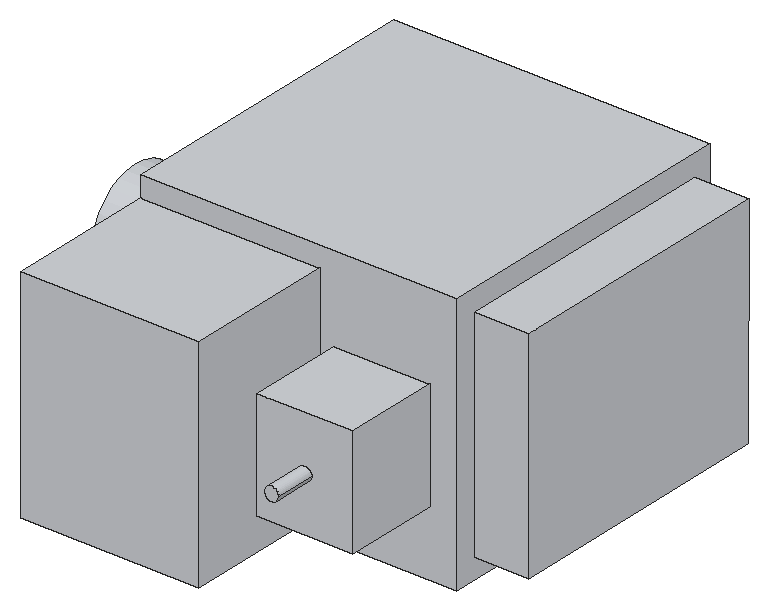
Revit family "7e207d001de54019a8569e6e0f5ca8d6", category Mechanical Equipment, Revit 2021
Family settings
  Round Connector Dimension = Use Radius
  Part Type = Normal
  OmniClass Number = 23.75.70.21.24.14
  OmniClass Title = Variable Volume Air Terminal Units
  Seek Item ID = VAV Unit - Single Duct-0000-USA-ENU
  Work Plane-Based = No
  Always vertical = Yes
  Cut with Voids When Loaded = No
  Shared = No
  Room Calculation Point = No
Parameters (values of type "4"")
  Width 2 = 0' - 5"
  Width 1 = 0' - 2 3/4"
  Overall Length = 0' - 11 1/2"
  Half Air Outlet Width = Supply Air Outlet Width / 2  # 0' - 5"
  Unit Material = none
  Supply Air Pressure Drop [instance] = 0.01 in-wg
  Supply Air Outlet Width = 10"
  Supply Air Outlet Height = 8"
  Supply Air Inlet Radius = 2"
  Supply Air Inlet Diameter = Supply Air Inlet Radius * 2  # 4"
  Default Elevation = 0' - 0"
  Air Flow [instance] = 225 CFM
Types (9): name | Width 2 | Width 1 | Overall Length | Half Air Outlet Width | Supply Air Pressure Drop | Supply Air Outlet Width | Supply Air Outlet Height | Supply Air Inlet Radius | Supply Air Inlet Diameter | Air Flow
  (no name) | 0' - 5" | 0' - 2 3/4" | 0' - 11 1/2" | 0' - 5" | 0.01 in-wg | 10" | 8" | 2" | 4" | 225 CFM
  4" | 0' - 5" | 0' - 2 3/4" | 0' - 11 1/2" | 0' - 5" | 0.01 in-wg | 10" | 8" | 2" | 4" | 225 CFM
  5" | 0' - 5" | 0' - 2 3/4" | 0' - 11 1/2" | 0' - 5" | 0.02 in-wg | 10" | 8" | 2 1/2" | 5" | 350 CFM
  6" | 0' - 5" | 0' - 2 3/4" | 0' - 11 1/2" | 0' - 5" | 0.22 in-wg | 10" | 8" | 3" | 6" | 500 CFM
  8" | 0' - 5 1/2" | 0' - 2 1/4" | 0' - 11" | 0' - 5 1/2" | 0.08 in-wg | 11" | 10" | 4" | 8" | 900 CFM
  10" | 0' - 5" | 0' - 2 3/4" | 1' - 0" | 0' - 7" | 0.01 in-wg | 14" | 12" | 5" | 10" | 1400 CFM
  12" | 0' - 4 1/2" | 0' - 3 1/4" | 1' - 1" | 0' - 8 1/2" | 0.01 in-wg | 17" | 14" | 6" | 12" | 2000 CFM
  14" | 0' - 4 1/2" | 0' - 3 1/4" | 1' - 2" | 0' - 9 1/2" | 0.01 in-wg | 19" | 18" | 7" | 14" | 3000 CFM
  16" | 0' - 3 1/2" | 0' - 4 1/4" | 1' - 3" | 0' - 11 1/2" | 0.01 in-wg | 23" | 18" | 8" | 16" | 4000 CFM
Reference planes (in)
  plane 1 "Center (Front/Back)": y = 0
  plane 2: z = 0
  plane 3 "Center (Left/Right)": x = 0
  plane 4: x = -4
  plane 5: x = 11.5
  plane 6: x = 13.5
  plane 7: z = 0.75
  plane 8: z = 8.75
  plane 9: z = 9.5
  plane 10: y = -5.75
  plane 11: y = 5.75
  plane 12: y = -3
  plane 13 "2": z = 4.375
  plane 14: y = 5
  plane 15: y = -5
  plane 16: x = 6.5
  plane 17: x = 7
  plane 18: y = -11.25
  plane 19: x = 10.5
  plane 20: z = 6.375
  plane 21: z = 2.375
  plane 22: y = -9.25
  plane 23: y = -10.75
  plane 24: x = 8.75
  plane 25 "1": y = -1
  plane 26: y = 1
Forms (in)
  Extrusion 1, solid, material <- "Unit Material"
    sketch origin (0, 0, 0) x (0, 1, 0) y (0, 0, 1)
      loop
        line (5.75, 9.5) -> (-5.75, 9.5) -> (-5.75, 0) -> (5.75, 0) -> (5.75, 9.5)
    from 11.5 to 0
  Extrusion 2, solid, material <- "Unit Material"
    sketch origin (0, -1.41434, 0) x (0, 1, 0) y (0, 0, 1)
      loop
        circle (0.41434, 4.375) r 2
    from -4 to 0
  Extrusion 3, solid, material <- "Unit Material"
    sketch origin (0, 0, 0) x (0, 1, 0) y (0, 0, 1)
      loop
        line (-5, 8.75) -> (-5, 0.75) -> (5, 0.75) -> (5, 8.75) -> (-5, 8.75)
    from 11.5 to 13.5
  Extrusion 4, solid, material <- "Unit Material"
    sketch origin (0, 0, 0) x (1, 0, 0) y (0, 0, 1)
      loop
        line (0, 8.75) -> (0, 0.75) -> (6.5, 0.75) -> (6.5, 8.75) -> (0, 8.75)
    from 5.75 to 11.25
  Extrusion 5, solid, material <- "Unit Material"
    sketch origin (0, 0, 0) x (1, 0, 0) y (0, 0, 1)
      loop
        line (7, 6.375) -> (7, 2.375) -> (10.5, 2.375) -> (10.5, 6.375) -> (7, 6.375)
    from 5.75 to 9.25
  Extrusion 6, solid, material <- "Unit Material"
    sketch origin (0, 0, 0) x (1, 0, 0) y (0, 0, 1)
      loop
        circle (8.75, 4.375) r 0.25
    from 5.75 to 10.75
Cuts and joins
  joined: Extrusion 2, Extrusion 3, Extrusion 5, Extrusion 6
Dimensions and locks (in)
  locked: plane 4 to plane 3 "Center (Left/Right)" at 4
  "Overall Length": plane 5 to plane 3 "Center (Left/Right)"
  locked: plane 6 to plane 5 at 2
  locked: plane 7 to plane 2 at 0.75
  "Supply Air Outlet Height": plane 8 to plane 7
  locked: plane 9 to plane 8 at 0.75
  "Width 1": plane 10 to plane 12
  equal spacing: plane 8, plane 13 "2", level
  locked: plane 14 to plane 11 at 0.75
  locked: plane 10 to plane 15 at 0.75
  locked: plane 16 to plane 3 "Center (Left/Right)" at 6.5
  locked: plane 17 to plane 16 at 0.5
  locked: plane 10 to plane 18 at 5.5
  locked: plane 17 to plane 19 at 3.5
  locked: plane 20 to plane 13 "2" at 2
  locked: plane 13 "2" to plane 21 at 2
  locked: plane 10 to plane 22 at 3.5
  "Width 2": plane 10 to plane 23
  locked: plane 19 to plane 24 at 1.75
  "Half Air Outlet Width": plane 15 to plane 1 "Center (Front/Back)"
  "Half Air Outlet Width": plane 14 to plane 1 "Center (Front/Back)"
  "Supply Air Inlet Radius": plane 25 "1" to plane 12
  "Supply Air Inlet Radius": plane 26 to plane 25 "1"
  "Supply Air Inlet Radius": radius of Extrusion 2 sketch curve
  radius of Extrusion 6 sketch curve = 0' - 0 1/4"
  aligned and locked: plane 11 to Extrusion 1 sketch curve
  aligned and locked: plane 9 to Extrusion 1 sketch curve
  aligned and locked: level to Extrusion 1 sketch curve
  aligned and locked: Extrusion 1 sketch curve to plane 10
  aligned and locked: Extrusion 1 to plane 5
  aligned and locked: Extrusion 1 to plane 3 "Center (Left/Right)"
  aligned and locked: Extrusion 2 to plane 4
  aligned and locked: plane 3 "Center (Left/Right)" to Extrusion 2
  aligned and locked: plane 15 to Extrusion 3 sketch curve
  aligned and locked: Extrusion 3 sketch curve to plane 8
  aligned and locked: plane 7 to Extrusion 3 sketch curve
  aligned and locked: Extrusion 3 sketch curve to plane 14
  aligned and locked: plane 6 to Extrusion 3
  aligned and locked: Extrusion 3 to plane 5
  aligned and locked: plane 3 "Center (Left/Right)" to Extrusion 4 sketch curve
  aligned and locked: Extrusion 4 sketch curve to plane 8
  aligned and locked: plane 7 to Extrusion 4 sketch curve
  aligned and locked: Extrusion 4 sketch curve to plane 16
  aligned and locked: plane 10 to Extrusion 4
  aligned and locked: Extrusion 4 to plane 18
  aligned and locked: plane 17 to Extrusion 5 sketch curve
  aligned and locked: Extrusion 5 sketch curve to plane 20
  aligned and locked: plane 21 to Extrusion 5 sketch curve
  aligned and locked: Extrusion 5 sketch curve to plane 19
  aligned and locked: Extrusion 5 to plane 22
  aligned and locked: plane 10 to Extrusion 5
  aligned and locked: plane 13 "2" to Extrusion 6 sketch curve
  aligned and locked: plane 24 to Extrusion 6 sketch curve
  aligned and locked: Extrusion 6 to plane 23
  aligned and locked: plane 10 to Extrusion 6
  aligned and locked: plane 25 "1" to Extrusion 2 sketch curve
  aligned and locked: plane 13 "2" to Extrusion 2 sketch curve
Connectors (in)
  hvac at (-4, -1, 4.375), driven by "Air Flow", driven by "Supply Air Inlet Radius"
    settings: on cut or joined group of Extrusion 2, Extrusion 3, Extrusion 5, Extrusion 6, index 1, duct flow 225 CFM, flow factor 0, pres drop 0.00 in-wg, loss coef 0, conn angle 0.00°, conn width 12", conn height 12", conn diameter 4", duct sys type 1, conn prof type 0, flow config 1, flow direction 1, loss method 4, conn ref index -1, conn util no, is conn primary yes, conn desc ""
  hvac at (13.5, 0, 4.75), driven by "Supply Air Outlet Height", driven by "Supply Air Outlet Width", driven by "Air Flow", driven by "Supply Air Pressure Drop"
    settings: on cut or joined group of Extrusion 2, Extrusion 3, Extrusion 5, Extrusion 6, index 2, duct flow 225 CFM, flow factor 0, pres drop 0.01 in-wg, loss coef 0, conn angle 0.00°, conn width 10", conn height 8", conn diameter 24", duct sys type 1, conn prof type 1, flow config 0, flow direction 2, loss method 4, conn ref index -1, conn util no, is conn primary no, conn desc ""
